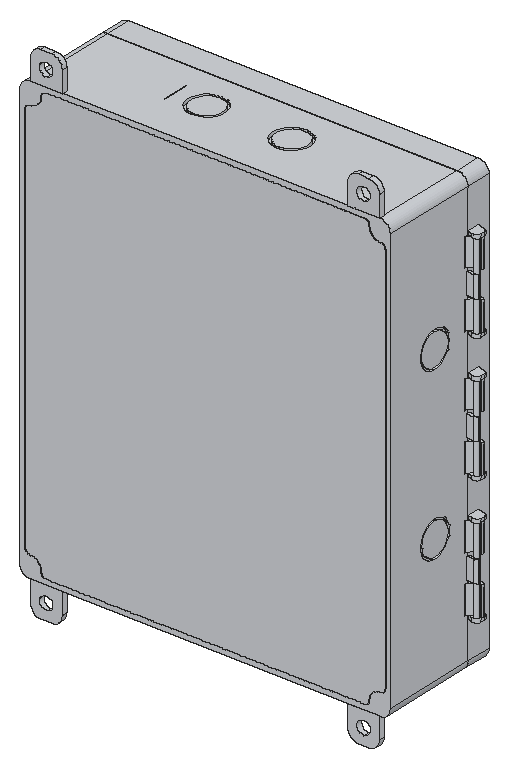
Revit family "Gas-Detectors-Control-Panel_GDCP-Touch_Brasch", category Generic Models, Revit 2022
Family settings
  Can host rebar = No
  Round Connector Dimension = Use Diameter
  Part Type = Normal
  Work Plane-Based = No
  Always vertical = Yes
  Cut with Voids When Loaded = No
  Maintain Annotation Orientation = No
  Shared = No
  Room Calculation Point = No
Parameters (values of type "GDCP-Touch, without any internal sensors")
  WIDTH = 8.72"
  URL = "https://braschenvtech.com/"
  Specification = "https://www.arcat.com/company/brasch-environmental-technologies-52580/spec"
  Product Page URL = "https://www.arcat.com/company/brasch-environmental-technologies-52580"
  Material = Gray
  Manufacturer = "Brasch Environmental Technologies"  # constant formula
  Keynote = "28 42 15"
  Input Voltage = "24 VAC"
  HEIGHT = 10.50"
  Default Elevation = 0.00"
  DEPTH = 2.90"
  Copyright = "@ARCAT"  # constant formula
  CAD Details = "https://www.arcat.com/company/brasch-environmental-technologies-52580/cad"
Reference planes (in)
  plane 1 "Center (Front/Back)": y = 0
  plane 2: z = 0
  plane 3 "Center (Left/Right)": x = 0
Forms (in)
  Extrusion 1, solid
    sketch origin (-4.37285, 0, 10.44843) x (0, 0, 1) y (-1, 0, 0)
      loop
        line (0.05157, -8.195) -> (0.05157, 0.025)
        arc (0.05157, 0.025) -> (-0.02165, 0.20178) -> (-0.19843, 0.275) r 0.25
        line (-0.19843, 0.275) -> (-10.19843, 0.275)
        arc (-10.19843, 0.275) -> (-10.37521, 0.20178) -> (-10.44843, 0.025) r 0.25
        line (-10.44843, 0.025) -> (-10.44843, -8.195)
        arc (-10.44843, -8.195) -> (-10.37521, -8.37178) -> (-10.19843, -8.445) r 0.25
        line (-10.19843, -8.445) -> (-0.19843, -8.445)
        arc (-0.19843, -8.445) -> (-0.02165, -8.37178) -> (0.05157, -8.195) r 0.25
      loop
        arc (-0.06843, -0.34997) -> (-0.10549, -0.26133) -> (-0.19462, -0.22546) r 0.12452
        arc (-0.19462, -0.22546) -> (-0.37407, -0.15113) -> (-0.44841, 0.02833) r 0.25379
        arc (-0.44841, 0.02833) -> (-0.48442, 0.1178) -> (-0.5734, 0.155) r 0.125
        line (-0.5734, 0.155) -> (-9.82346, 0.155)
        arc (-9.82346, 0.155) -> (-9.91244, 0.1178) -> (-9.94845, 0.02833) r 0.125
        arc (-9.94845, 0.02833) -> (-10.02279, -0.15113) -> (-10.20225, -0.22546) r 0.25379
        arc (-10.20225, -0.22546) -> (-10.29137, -0.26133) -> (-10.32843, -0.34997) r 0.12452
        line (-10.32843, -0.34997) -> (-10.32843, -7.82003)
        arc (-10.32843, -7.82003) -> (-10.29137, -7.90867) -> (-10.20225, -7.94454) r 0.12452
        arc (-10.20225, -7.94454) -> (-10.02279, -8.01887) -> (-9.94845, -8.19833) r 0.25379
        arc (-9.94845, -8.19833) -> (-9.91244, -8.2878) -> (-9.82346, -8.325) r 0.125
        line (-9.82346, -8.325) -> (-0.5734, -8.325)
        arc (-0.5734, -8.325) -> (-0.48442, -8.2878) -> (-0.44841, -8.19833) r 0.125
        arc (-0.44841, -8.19833) -> (-0.37407, -8.01887) -> (-0.19462, -7.94454) r 0.25379
        arc (-0.19462, -7.94454) -> (-0.10549, -7.90867) -> (-0.06843, -7.82003) r 0.12452
        line (-0.06843, -7.82003) -> (-0.06843, -0.34997)
    from 0 to -2.331
  Extrusion 2, solid
    sketch origin (0, 0, 0) x (1, 0, 0) y (0, 1, 0)
      loop
        line (4.1498, 2.38521) -> (4.07215, 2.276) -> (4.07215, 2.148)
        arc (4.07215, 2.148) -> (4.07469, 2.16427) -> (4.08205, 2.179) r 0.0535
        line (4.08205, 2.179) -> (4.20394, 2.35045)
        arc (4.20394, 2.35045) -> (4.25204, 2.37527) -> (4.30014, 2.35045) r 0.05902
        line (4.30014, 2.35045) -> (4.33643, 2.35045)
        arc (4.33643, 2.35045) -> (4.35667, 2.35809) -> (4.35724, 2.37971) r 0.01939
        arc (4.35724, 2.37971) -> (4.25498, 2.43774) -> (4.1498, 2.38521) r 0.125
    from 8.58333 to 9.25
  Extrusion 3, solid
    sketch origin (0, 0, -1.33333) x (1, 0, 0) y (0, 1, 0)
      loop
        line (4.1498, 2.38521) -> (4.07215, 2.276) -> (4.07215, 2.148)
        arc (4.07215, 2.148) -> (4.07469, 2.16427) -> (4.08205, 2.179) r 0.0535
        line (4.08205, 2.179) -> (4.20394, 2.35045)
        arc (4.20394, 2.35045) -> (4.25204, 2.37527) -> (4.30014, 2.35045) r 0.05902
        line (4.30014, 2.35045) -> (4.33643, 2.35045)
        arc (4.33643, 2.35045) -> (4.35667, 2.35809) -> (4.35724, 2.37971) r 0.01939
        arc (4.35724, 2.37971) -> (4.25498, 2.43774) -> (4.1498, 2.38521) r 0.125
    from 8.58333 to 9.25
  Extrusion 4, solid
    sketch origin (0, 0, -3) x (1, 0, 0) y (0, 1, 0)
      loop
        line (4.1498, 2.38521) -> (4.07215, 2.276) -> (4.07215, 2.148)
        arc (4.07215, 2.148) -> (4.07469, 2.16427) -> (4.08205, 2.179) r 0.0535
        line (4.08205, 2.179) -> (4.20394, 2.35045)
        arc (4.20394, 2.35045) -> (4.25204, 2.37527) -> (4.30014, 2.35045) r 0.05902
        line (4.30014, 2.35045) -> (4.33643, 2.35045)
        arc (4.33643, 2.35045) -> (4.35667, 2.35809) -> (4.35724, 2.37971) r 0.01939
        arc (4.35724, 2.37971) -> (4.25498, 2.43774) -> (4.1498, 2.38521) r 0.125
    from 8.58333 to 9.25
  Extrusion 5, solid
    sketch origin (0, 0, -4.33333) x (1, 0, 0) y (0, 1, 0)
      loop
        line (4.1498, 2.38521) -> (4.07215, 2.276) -> (4.07215, 2.148)
        arc (4.07215, 2.148) -> (4.07469, 2.16427) -> (4.08205, 2.179) r 0.0535
        line (4.08205, 2.179) -> (4.20394, 2.35045)
        arc (4.20394, 2.35045) -> (4.25204, 2.37527) -> (4.30014, 2.35045) r 0.05902
        line (4.30014, 2.35045) -> (4.33643, 2.35045)
        arc (4.33643, 2.35045) -> (4.35667, 2.35809) -> (4.35724, 2.37971) r 0.01939
        arc (4.35724, 2.37971) -> (4.25498, 2.43774) -> (4.1498, 2.38521) r 0.125
    from 8.58333 to 9.25
  Extrusion 6, solid
    sketch origin (0, 0, -6) x (1, 0, 0) y (0, 1, 0)
      loop
        line (4.1498, 2.38521) -> (4.07215, 2.276) -> (4.07215, 2.148)
        arc (4.07215, 2.148) -> (4.07469, 2.16427) -> (4.08205, 2.179) r 0.0535
        line (4.08205, 2.179) -> (4.20394, 2.35045)
        arc (4.20394, 2.35045) -> (4.25204, 2.37527) -> (4.30014, 2.35045) r 0.05902
        line (4.30014, 2.35045) -> (4.33643, 2.35045)
        arc (4.33643, 2.35045) -> (4.35667, 2.35809) -> (4.35724, 2.37971) r 0.01939
        arc (4.35724, 2.37971) -> (4.25498, 2.43774) -> (4.1498, 2.38521) r 0.125
    from 8.58333 to 9.25
  Extrusion 7, solid
    sketch origin (0, 0, -7.33333) x (1, 0, 0) y (0, 1, 0)
      loop
        line (4.1498, 2.38521) -> (4.07215, 2.276) -> (4.07215, 2.148)
        arc (4.07215, 2.148) -> (4.07469, 2.16427) -> (4.08205, 2.179) r 0.0535
        line (4.08205, 2.179) -> (4.20394, 2.35045)
        arc (4.20394, 2.35045) -> (4.25204, 2.37527) -> (4.30014, 2.35045) r 0.05902
        line (4.30014, 2.35045) -> (4.33643, 2.35045)
        arc (4.33643, 2.35045) -> (4.35667, 2.35809) -> (4.35724, 2.37971) r 0.01939
        arc (4.35724, 2.37971) -> (4.25498, 2.43774) -> (4.1498, 2.38521) r 0.125
    from 8.58333 to 9.25
  Extrusion 8, solid
    sketch origin (0, 0, 0) x (1, 0, 0) y (0, 1, 0)
      loop
        line (4.07215, 2.211) -> (4.27015, 2.211)
        arc (4.27015, 2.211) -> (4.31106, 2.21894) -> (4.34602, 2.24159) r 0.10938
        arc (4.34602, 2.24159) -> (4.3507, 2.26348) -> (4.33215, 2.276) r 0.02
        line (4.33215, 2.276) -> (4.30015, 2.276)
        arc (4.30015, 2.276) -> (4.25165, 2.25147) -> (4.20315, 2.276) r 0.0602
        line (4.20315, 2.276) -> (4.07215, 2.276) -> (4.07215, 2.211)
    from 7.99997 to 8.50003
  Extrusion 9, solid
    sketch origin (0, 0, -3) x (1, 0, 0) y (0, 1, 0)
      loop
        line (4.07215, 2.211) -> (4.27015, 2.211)
        arc (4.27015, 2.211) -> (4.31106, 2.21894) -> (4.34602, 2.24159) r 0.10938
        arc (4.34602, 2.24159) -> (4.3507, 2.26348) -> (4.33215, 2.276) r 0.02
        line (4.33215, 2.276) -> (4.30015, 2.276)
        arc (4.30015, 2.276) -> (4.25165, 2.25147) -> (4.20315, 2.276) r 0.0602
        line (4.20315, 2.276) -> (4.07215, 2.276) -> (4.07215, 2.211)
    from 7.99997 to 8.50003
  Extrusion 10, solid
    sketch origin (0, 0, -6) x (1, 0, 0) y (0, 1, 0)
      loop
        line (4.07215, 2.211) -> (4.27015, 2.211)
        arc (4.27015, 2.211) -> (4.31106, 2.21894) -> (4.34602, 2.24159) r 0.10938
        arc (4.34602, 2.24159) -> (4.3507, 2.26348) -> (4.33215, 2.276) r 0.02
        line (4.33215, 2.276) -> (4.30015, 2.276)
        arc (4.30015, 2.276) -> (4.25165, 2.25147) -> (4.20315, 2.276) r 0.0602
        line (4.20315, 2.276) -> (4.07215, 2.276) -> (4.07215, 2.211)
    from 7.99997 to 8.50003
  Extrusion 11, solid
    sketch origin (-4.1404, 0.12, 0.33138) x (0, 0, -1) y (-1, 0, 0)
      loop
        circle (-9.57553, -6.20256) r 0.14
      loop
        circle (-9.57553, -6.20256) r 0.05482
      loop
        circle (-9.57244, -1.5026) r 0.14
      loop
        circle (-9.57244, -1.5026) r 0.05482
      loop
        circle (-4.87594, -1.50149) r 0.14
      loop
        circle (-4.87594, -1.50149) r 0.05482
      loop
        circle (-4.87612, -6.20255) r 0.14
      loop
        circle (-4.87612, -6.20255) r 0.05482
    from 0 to 2.278
  Extrusion 12, solid
    sketch origin (-2.8954, 0.12, -3.98112) x (0, 0, -1) y (-1, 0, 0)
      loop
        circle (-4.87612, -6.20255) r 0.14
      loop
        circle (-4.87612, -6.20255) r 0.06853
      loop
        circle (-4.87612, -5.58255) r 0.14
      loop
        circle (-4.87612, -5.58255) r 0.06853
      loop
        circle (-4.87612, -2.91755) r 0.14
      loop
        circle (-4.87612, -2.91755) r 0.06853
      loop
        circle (-4.87612, -2.29755) r 0.14
      loop
        circle (-4.87612, -2.29755) r 0.06853
      loop
        circle (-4.87612, 0.98731) r 0.14
      loop
        circle (-4.87612, 0.98731) r 0.06853
      loop
        circle (-12.14112, 0.98745) r 0.14
      loop
        circle (-12.14112, 0.98745) r 0.06853
      loop
        circle (-12.14112, -6.20255) r 0.14
      loop
        circle (-12.14112, -6.20255) r 0.06853
      loop
        circle (-13.34612, -4.25005) r 0.14
      loop
        circle (-13.34612, -4.25005) r 0.06853
      loop
        circle (-13.34612, -0.96505) r 0.14
      loop
        circle (-13.34612, -0.96505) r 0.06853
      loop
        circle (-11.03862, -2.60755) r 0.14
      loop
        circle (-11.03862, -2.60755) r 0.06853
      loop
        circle (-9.48612, -0.96505) r 0.14
      loop
        circle (-9.48612, -0.96505) r 0.06853
      loop
        circle (-9.48612, -4.25005) r 0.14
      loop
        circle (-9.48612, -4.25005) r 0.06853
      loop
        circle (-9.88824, -6.211) r 0.14
      loop
        circle (-9.88824, -6.211) r 0.06853
      loop
        circle (-8.73612, -6.20255) r 0.14
      loop
        circle (-8.73612, -6.20255) r 0.06853
      loop
        circle (-8.73612, -5.58255) r 0.14
      loop
        circle (-8.73612, -5.58255) r 0.06853
      loop
        circle (-8.73612, -2.91755) r 0.14
      loop
        circle (-8.73612, -2.91755) r 0.06853
      loop
        circle (-8.73612, -2.29755) r 0.14
      loop
        circle (-8.73612, -2.29755) r 0.06853
      loop
        circle (-8.73612, 0.98745) r 0.14
      loop
        circle (-8.73612, 0.98745) r 0.06853
      loop
        circle (-9.93612, 0.98745) r 0.14
      loop
        circle (-9.93612, 0.98745) r 0.06853
    from 0 to 0.4
  Extrusion 13, solid
    sketch origin (-2.7504, 0.12, -4.27612) x (0, 0, -1) y (-1, 0, 0)
      loop
        circle (-4.87612, -6.20255) r 0.14
      loop
        circle (-4.87612, -6.20255) r 0.06853
      loop
        circle (-4.87612, 1.27745) r 0.14
      loop
        circle (-4.87612, 1.27745) r 0.06853
      loop
        circle (-14.17612, 1.27745) r 0.14
      loop
        circle (-14.17612, 1.27745) r 0.06853
      loop
        circle (-14.17612, -6.20255) r 0.14
      loop
        circle (-14.17612, -6.20255) r 0.06853
      loop
        circle (-9.52612, -2.46255) r 0.14
      loop
        circle (-9.52612, -2.46255) r 0.06853
    from 0 to 0.2
  Extrusion 14, solid
    sketch origin (1.94394, 0.7353, 5.1325) x (0, 1, 0) y (-1, 0, 0)
      loop
        line (-0.6153, 0.44574) -> (-0.6153, 0.00939) -> (-0.01296, 0.00939) -> (-0.6153, 0.44574)
      loop
        line (0, 4.46357) -> (-0.6153, 4.46357) -> (-0.6153, 4.01783) -> (0, 4.46357)
    from 0 to 0.15
  Extrusion 15, solid
    sketch origin (1.94393, 0.7353, 9.8315) x (0, 1, 0) y (-1, 0, 0)
      loop
        line (-0.6153, 0.44574) -> (-0.6153, 0.00939) -> (-0.01296, 0.00939) -> (-0.6153, 0.44574)
      loop
        line (0, 4.46357) -> (-0.6153, 4.46357) -> (-0.6153, 4.01783) -> (0, 4.46357)
    from 0 to 0.15
  Extrusion 16, solid
    sketch origin (-2.56285, 0.7353, 5.32572) x (0, 0, -1) y (0, 1, 0)
      loop
        line (0, 0) -> (-0.44574, -0.6153) -> (0, -0.6153) -> (0, 0)
      loop
        line (-4.46357, -0.6153) -> (-4.01683, -0.6153) -> (-4.46357, 0.00138) -> (-4.46357, -0.6153)
    from 0 to -0.15
  Extrusion 17, solid
    sketch origin (2.13635, 0.7353, 5.32572) x (0, 0, -1) y (0, 1, 0)
      loop
        line (0, 0) -> (-0.44574, -0.6153) -> (0, -0.6153) -> (0, 0)
      loop
        line (-4.46357, -0.6153) -> (-4.01683, -0.6153) -> (-4.46357, 0.00138) -> (-4.46357, -0.6153)
    from 0 to -0.15
  Extrusion 18, solid
    sketch origin (-4.1404, 0.12, 0.33138) x (0, 0, -1) y (-1, 0, 0)
      loop
        line (-10.04862, -0.11752) -> (-10.04862, -7.58759)
        arc (-10.04862, -7.58759) -> (-10.01156, -7.67622) -> (-9.92244, -7.7121) r 0.12452
        arc (-9.92244, -7.7121) -> (-9.74298, -7.78643) -> (-9.66864, -7.96589) r 0.25379
        arc (-9.66864, -7.96589) -> (-9.63263, -8.05535) -> (-9.54366, -8.09256) r 0.125
        line (-9.54366, -8.09256) -> (-0.29359, -8.09256)
        arc (-0.29359, -8.09256) -> (-0.20461, -8.05535) -> (-0.1686, -7.96589) r 0.125
        arc (-0.1686, -7.96589) -> (-0.09427, -7.78643) -> (0.08519, -7.7121) r 0.25379
        arc (0.08519, -7.7121) -> (0.17432, -7.67622) -> (0.21138, -7.58759) r 0.12452
        line (0.21138, -7.58759) -> (0.21138, -0.11752)
        arc (0.21138, -0.11752) -> (0.17432, -0.02889) -> (0.08519, 0.00698) r 0.12452
        arc (0.08519, 0.00698) -> (-0.09427, 0.08132) -> (-0.1686, 0.26078) r 0.25379
        arc (-0.1686, 0.26078) -> (-0.20461, 0.35024) -> (-0.29359, 0.38744) r 0.125
        line (-0.29359, 0.38744) -> (-9.54366, 0.38744)
        arc (-9.54366, 0.38744) -> (-9.63263, 0.35024) -> (-9.66864, 0.26078) r 0.125
        arc (-9.66864, 0.26078) -> (-9.74298, 0.08132) -> (-9.92244, 0.00698) r 0.25379
        arc (-9.92244, 0.00698) -> (-10.01156, -0.02889) -> (-10.04862, -0.11752) r 0.12452
    from 0 to -0.12
  Extrusion 19, solid
    sketch origin (-4.1404, 0.12, 0.33138) x (0, 0, -1) y (-1, 0, 0)
      loop
        line (0.83138, 0.25744) -> (0.33138, 0.25744) -> (0.33138, -0.49256) -> (0.83138, -0.49256)
        arc (0.83138, -0.49256) -> (1.00815, -0.41933) -> (1.08138, -0.24256) r 0.25
        line (1.08138, -0.24256) -> (1.08138, 0.00744)
        arc (1.08138, 0.00744) -> (1.00815, 0.18422) -> (0.83138, 0.25744) r 0.25
      loop
        line (0.83138, -7.21256) -> (0.33138, -7.21256) -> (0.33138, -7.96256) -> (0.83138, -7.96256)
        arc (0.83138, -7.96256) -> (1.00815, -7.88933) -> (1.08138, -7.71256) r 0.25
        line (1.08138, -7.71256) -> (1.08138, -7.46256)
        arc (1.08138, -7.46256) -> (1.00815, -7.28578) -> (0.83138, -7.21256) r 0.25
      loop
        circle (0.70638, -0.11756) r 0.16
      loop
        circle (0.70638, -7.58756) r 0.16
      loop
        arc (-10.66862, 0.25744) -> (-10.8454, 0.18422) -> (-10.91862, 0.00744) r 0.25
        line (-10.91862, 0.00744) -> (-10.91862, -0.24256)
        arc (-10.91862, -0.24256) -> (-10.8454, -0.41933) -> (-10.66862, -0.49256) r 0.25
        line (-10.66862, -0.49256) -> (-10.16862, -0.49256) -> (-10.16862, 0.25744) -> (-10.66862, 0.25744)
      loop
        arc (-10.66862, -7.21256) -> (-10.8454, -7.28578) -> (-10.91862, -7.46256) r 0.25
        line (-10.91862, -7.46256) -> (-10.91862, -7.71256)
        arc (-10.91862, -7.71256) -> (-10.8454, -7.88933) -> (-10.66862, -7.96256) r 0.25
        line (-10.66862, -7.96256) -> (-10.16862, -7.96256) -> (-10.16862, -7.21256) -> (-10.66862, -7.21256)
      loop
        circle (-10.54362, -0.11756) r 0.16
      loop
        circle (-10.54362, -7.58756) r 0.16
    from 0 to -0.12
  Extrusion 20, void
    sketch origin (-4.64785, 0, 10.25) x (0, 0, 1) y (0, -1, 0)
      loop
        circle (-3, -1.3) r 0.4375
      loop
        circle (-3, -1.3) r 0.375
      loop
        circle (-7.00175, -1.30665) r 0.4375
      loop
        circle (-7.00175, -1.30665) r 0.375
    from 0 to 0.066
  Extrusion 21, void
    sketch origin (4.07215, 0, 10.25) x (0, 0, 1) y (0, 1, 0)
      loop
        circle (-3, 1.3) r 0.4375
      loop
        circle (-3, 1.3) r 0.375
      loop
        circle (-7.00175, 1.30665) r 0.4375
      loop
        circle (-7.00175, 1.30665) r 0.375
    from 0 to 0.066
  Extrusion 22, void
    sketch origin (3.82215, 0, 10.5) x (0, -1, 0) y (-1, 0, 0)
      loop
        circle (-1.3, 3.11) r 0.4375
      loop
        circle (-1.3, 3.11) r 0.375
      loop
        circle (-1.3, 5.11) r 0.4375
      loop
        circle (-1.3, 5.11) r 0.375
    from 0 to 0.066
  Extrusion 23, void
    sketch origin (3.82215, 0, 0) x (1, 0, 0) y (0, 1, 0)
      loop
        circle (-4.11, 1.3) r 0.4375
      loop
        circle (-4.11, 1.3) r 0.375
      loop
        circle (-6.11, 1.3) r 0.4375
      loop
        circle (-6.11, 1.3) r 0.375
      loop
        circle (-2.11, 1.3) r 0.4375
      loop
        circle (-2.11, 1.3) r 0.375
    from 0 to 0.066
  Extrusion 24, void
    sketch origin (-4.1404, 0.12, 0.33138) x (0, 0, 1) y (-1, 0, 0)
      loop
        circle (9.91862, -7.96256) r 0.095
      loop
        circle (9.91862, 0.25744) r 0.095
      loop
        circle (-0.08138, 0.25744) r 0.095
      loop
        circle (-0.08138, -7.96256) r 0.095
    from 0 to -2.211
  Extrusion 25, void
    sketch origin (-4.1404, 0.12, 0.33138) x (0, 0, 1) y (-1, 0, 0)
      loop
        arc (0.11752, -7.96526) -> (0.1677, -8.08884) -> (0.2908, -8.14017) r 0.17328
        line (0.2908, -8.14017) -> (9.53397, -8.14017)
        arc (9.53397, -8.14017) -> (9.65805, -8.08761) -> (9.70665, -7.96192) r 0.17276
        arc (9.70665, -7.96192) -> (9.76671, -7.81193) -> (9.91574, -7.74951) r 0.20912
        arc (9.91574, -7.74951) -> (10.05002, -7.70032) -> (10.10658, -7.56896) r 0.18083
        line (10.10658, -7.56896) -> (10.10658, -0.1171)
        arc (10.10658, -0.1171) -> (10.06269, 0.00019) -> (9.95259, 0.05987) r 0.17868
        arc (9.95259, 0.05987) -> (9.79087, 0.1073) -> (9.72085, 0.2606) r 0.2028
        arc (9.72085, 0.2606) -> (9.67059, 0.38594) -> (9.54602, 0.43809) r 0.17486
        line (9.54602, 0.43809) -> (0.29665, 0.43809)
        arc (0.29665, 0.43809) -> (0.17157, 0.3861) -> (0.12017, 0.26078) r 0.17649
        arc (0.12017, 0.26078) -> (0.06099, 0.11654) -> (-0.08244, 0.05543) r 0.20536
        arc (-0.08244, 0.05543) -> (-0.20825, 0.00618) -> (-0.26095, -0.11821) r 0.1741
        line (-0.26095, -0.11821) -> (-0.26095, -7.58775)
        arc (-0.26095, -7.58775) -> (-0.20934, -7.71155) -> (-0.08507, -7.76202) r 0.17428
        arc (-0.08507, -7.76202) -> (0.05822, -7.82177) -> (0.11752, -7.96526) r 0.20324
      loop
        line (-0.33138, 0.25744) -> (-0.33138, -7.96256)
        arc (-0.33138, -7.96256) -> (-0.25815, -8.13933) -> (-0.08138, -8.21256) r 0.25
        line (-0.08138, -8.21256) -> (9.91862, -8.21256)
        arc (9.91862, -8.21256) -> (10.0954, -8.13933) -> (10.16862, -7.96256) r 0.25
        line (10.16862, -7.96256) -> (10.16862, 0.25744)
        arc (10.16862, 0.25744) -> (10.0954, 0.43422) -> (9.91862, 0.50744) r 0.25
        line (9.91862, 0.50744) -> (-0.08138, 0.50744)
        arc (-0.08138, 0.50744) -> (-0.25815, 0.43422) -> (-0.33138, 0.25744) r 0.25
    from -2.156 to -2.211
Cuts and joins
  Extrusion 20, Extrusion 21, Extrusion 22, Extrusion 23, Extrusion 24, Extrusion 25 cuts Extrusion 1
Dimensions and locks (in)
  aligned and locked: plane 2 to level
Nested families (in)
  nested 1: "GDCP lid" at (-0.28689, 2.77823, 0) x (-1, 0, 0) z (0, 0, 1), type "GDCP lid"
Definition of nested family "GDCP lid"
  Parameters
    Default Elevation = 0.00"
  Reference planes (in)
    plane 1 "Center (Front/Back)": y = 0
    plane 2: z = 0
    plane 3 "Center (Left/Right)": x = 0
  Forms (in)
    Extrusion 1, solid
      sketch origin (3.15, 0.11, 9.8) x (0, 0, 1) y (1, 0, 0)
        loop
          line (0.7, -7.26) -> (0.7, 0.96)
          arc (0.7, 0.96) -> (0.62678, 1.13678) -> (0.45, 1.21) r 0.25
          line (0.45, 1.21) -> (-9.55, 1.21)
          arc (-9.55, 1.21) -> (-9.72678, 1.13678) -> (-9.8, 0.96) r 0.25
          line (-9.8, 0.96) -> (-9.8, -7.26)
          arc (-9.8, -7.26) -> (-9.72678, -7.43678) -> (-9.55, -7.51) r 0.25
          line (-9.55, -7.51) -> (0.45, -7.51)
          arc (0.45, -7.51) -> (0.62678, -7.43678) -> (0.7, -7.26) r 0.25
        loop
          arc (0.48, 0.58503) -> (0.19365, 0.70365) -> (0.07503, 0.99) r 0.40497
          line (0.07503, 0.99) -> (-9.17503, 0.99)
          arc (-9.17503, 0.99) -> (-9.29365, 0.70365) -> (-9.58, 0.58503) r 0.40497
          line (-9.58, 0.58503) -> (-9.58, -6.88503)
          arc (-9.58, -6.88503) -> (-9.29365, -7.00365) -> (-9.17503, -7.29) r 0.40497
          line (-9.17503, -7.29) -> (0.07503, -7.29)
          arc (0.07503, -7.29) -> (0.19365, -7.00365) -> (0.48, -6.88503) r 0.40497
          line (0.48, -6.88503) -> (0.48, 0.58503)
      from 0 to -0.61
    Extrusion 2, solid
      sketch origin (3.15, 0.11, 9.8) x (0, 0, 1) y (1, 0, 0)
        loop
          line (0.07503, 0.99) -> (-9.17503, 0.99)
          arc (-9.17503, 0.99) -> (-9.29365, 0.70365) -> (-9.58, 0.58503) r 0.40497
          line (-9.58, 0.58503) -> (-9.58, -6.88503)
          arc (-9.58, -6.88503) -> (-9.29365, -7.00365) -> (-9.17503, -7.29) r 0.40497
          line (-9.17503, -7.29) -> (0.07503, -7.29)
          arc (0.07503, -7.29) -> (0.19365, -7.00365) -> (0.48, -6.88503) r 0.40497
          line (0.48, -6.88503) -> (0.48, 0.58503)
          arc (0.48, 0.58503) -> (0.19365, 0.70365) -> (0.07503, 0.99) r 0.40497
      from 0 to -0.11
    Extrusion 3, void
      sketch origin (3.15, 0.11, 9.8) x (0, 0, 1) y (1, 0, 0)
        loop
          line (-9.17396, -7.345) -> (0.07503, -7.345)
          arc (0.07503, -7.345) -> (0.13236, -7.32126) -> (0.1561, -7.26393) r 0.08107
          arc (0.1561, -7.26393) -> (0.25319, -7.04324) -> (0.47998, -6.96138) r 0.30599
          arc (0.47998, -6.96138) -> (0.51645, -6.93752) -> (0.535, -6.8981) r 0.08
          line (0.535, -6.8981) -> (0.535, 0.5981)
          arc (0.535, 0.5981) -> (0.51645, 0.63752) -> (0.47998, 0.66138) r 0.08
          arc (0.47998, 0.66138) -> (0.25319, 0.74324) -> (0.1561, 0.96393) r 0.30599
          arc (0.1561, 0.96393) -> (0.13236, 1.02126) -> (0.07503, 1.045) r 0.08107
          line (0.07503, 1.045) -> (-9.17396, 1.045)
          arc (-9.17396, 1.045) -> (-9.23128, 1.02126) -> (-9.25503, 0.96393) r 0.08107
          arc (-9.25503, 0.96393) -> (-9.35212, 0.74324) -> (-9.57891, 0.66138) r 0.30599
          arc (-9.57891, 0.66138) -> (-9.61947, 0.6324) -> (-9.635, 0.58503) r 0.08
          line (-9.635, 0.58503) -> (-9.635, -6.88503)
          arc (-9.635, -6.88503) -> (-9.61947, -6.9324) -> (-9.57891, -6.96138) r 0.08
          arc (-9.57891, -6.96138) -> (-9.35212, -7.04324) -> (-9.25503, -7.26393) r 0.30599
          arc (-9.25503, -7.26393) -> (-9.23128, -7.32126) -> (-9.17396, -7.345) r 0.08107
        loop
          arc (0.07611, -7.445) -> (0.18268, -7.41006) -> (0.24788, -7.31879) r 0.18
          arc (0.24788, -7.31879) -> (0.31568, -7.1246) -> (0.50987, -7.05681) r 0.23668
          arc (0.50987, -7.05681) -> (0.60673, -6.98353) -> (0.635, -6.8654) r 0.18
          line (0.635, -6.8654) -> (0.635, 0.5654)
          arc (0.635, 0.5654) -> (0.60673, 0.68353) -> (0.50987, 0.75681) r 0.18
          arc (0.50987, 0.75681) -> (0.31568, 0.8246) -> (0.24788, 1.01879) r 0.23668
          arc (0.24788, 1.01879) -> (0.18268, 1.11006) -> (0.07611, 1.145) r 0.18
          line (0.07611, 1.145) -> (-9.17503, 1.145)
          arc (-9.17503, 1.145) -> (-9.28161, 1.11006) -> (-9.34681, 1.01879) r 0.18
          arc (-9.34681, 1.01879) -> (-9.4146, 0.8246) -> (-9.60879, 0.75681) r 0.23668
          arc (-9.60879, 0.75681) -> (-9.70006, 0.69161) -> (-9.735, 0.58503) r 0.18
          line (-9.735, 0.58503) -> (-9.735, -6.88503)
          arc (-9.735, -6.88503) -> (-9.70006, -6.99161) -> (-9.60879, -7.05681) r 0.18
          arc (-9.60879, -7.05681) -> (-9.4146, -7.1246) -> (-9.34681, -7.31879) r 0.23668
          arc (-9.34681, -7.31879) -> (-9.28161, -7.41006) -> (-9.17503, -7.445) r 0.18
          line (-9.17503, -7.445) -> (0.07611, -7.445)
      from -0.61 to -0.512
    Extrusion 4, void
      sketch origin (3.15, 0.11, 9.8) x (0, 0, 1) y (1, 0, 0)
        loop
          circle (0.45, -7.26) r 0.0705
        loop
          circle (0.45, 0.96) r 0.0705
        loop
          circle (-9.55, 0.96) r 0.0705
        loop
          circle (-9.55, -7.26) r 0.0705
      from -0.04 to -0.61
    Extrusion 5, solid
      sketch origin (-4.505, -0.40438, 9.2625) x (0, 1, 0) y (-1, 0, 0)
        loop
          arc (0.11037, 0.08715) -> (0.08218, 0.12192) -> (0.03938, 0.135) r 0.07659
          line (0.03938, 0.135) -> (-0.06062, 0.135)
          arc (-0.06062, 0.135) -> (-0.14355, 0.09089) -> (-0.15331, -0.00253) r 0.1
          line (-0.15331, -0.00253) -> (-0.09562, -0.145) -> (0.20438, -0.145) -> (0.11037, 0.08715)
      from 0 to 0.075
    Extrusion 6, solid
      sketch origin (-4.505, -0.40438, 7.1525) x (0, 1, 0) y (-1, 0, 0)
        loop
          arc (0.11037, 0.08715) -> (0.08218, 0.12192) -> (0.03938, 0.135) r 0.07659
          line (0.03938, 0.135) -> (-0.06062, 0.135)
          arc (-0.06062, 0.135) -> (-0.14355, 0.09089) -> (-0.15331, -0.00253) r 0.1
          line (-0.15331, -0.00253) -> (-0.09562, -0.145) -> (0.20438, -0.145) -> (0.11037, 0.08715)
      from 0.01 to 0.085
    Extrusion 7, solid
      sketch origin (-4.505, -0.40438, 9.2625) x (0, 1, 0) y (-1, 0, 0)
        loop
          circle (-0.06062, 0.03503) r 0.06027
      from -2.025 to 0
    Extrusion 8, solid
      sketch origin (-4.505, -0.40438, 6.2625) x (0, 1, 0) y (-1, 0, 0)
        loop
          arc (0.11037, 0.08715) -> (0.08218, 0.12192) -> (0.03938, 0.135) r 0.07659
          line (0.03938, 0.135) -> (-0.06062, 0.135)
          arc (-0.06062, 0.135) -> (-0.14355, 0.09089) -> (-0.15331, -0.00253) r 0.1
          line (-0.15331, -0.00253) -> (-0.09562, -0.145) -> (0.20438, -0.145) -> (0.11037, 0.08715)
      from 0 to 0.075
    Extrusion 9, solid
      sketch origin (-4.505, -0.40438, 4.1525) x (0, 1, 0) y (-1, 0, 0)
        loop
          arc (0.11037, 0.08715) -> (0.08218, 0.12192) -> (0.03938, 0.135) r 0.07659
          line (0.03938, 0.135) -> (-0.06062, 0.135)
          arc (-0.06062, 0.135) -> (-0.14355, 0.09089) -> (-0.15331, -0.00253) r 0.1
          line (-0.15331, -0.00253) -> (-0.09562, -0.145) -> (0.20438, -0.145) -> (0.11037, 0.08715)
      from 0.01 to 0.085
    Extrusion 10, solid
      sketch origin (-4.505, -0.40438, 6.2625) x (0, 1, 0) y (-1, 0, 0)
        loop
          circle (-0.06062, 0.03503) r 0.06027
      from -2.025 to 0
    Extrusion 11, solid
      sketch origin (-4.505, -0.40438, 3.2625) x (0, 1, 0) y (-1, 0, 0)
        loop
          arc (0.11037, 0.08715) -> (0.08218, 0.12192) -> (0.03938, 0.135) r 0.07659
          line (0.03938, 0.135) -> (-0.06062, 0.135)
          arc (-0.06062, 0.135) -> (-0.14355, 0.09089) -> (-0.15331, -0.00253) r 0.1
          line (-0.15331, -0.00253) -> (-0.09562, -0.145) -> (0.20438, -0.145) -> (0.11037, 0.08715)
      from 0 to 0.075
    Extrusion 12, solid
      sketch origin (-4.505, -0.40438, 1.1525) x (0, 1, 0) y (-1, 0, 0)
        loop
          arc (0.11037, 0.08715) -> (0.08218, 0.12192) -> (0.03938, 0.135) r 0.07659
          line (0.03938, 0.135) -> (-0.06062, 0.135)
          arc (-0.06062, 0.135) -> (-0.14355, 0.09089) -> (-0.15331, -0.00253) r 0.1
          line (-0.15331, -0.00253) -> (-0.09562, -0.145) -> (0.20438, -0.145) -> (0.11037, 0.08715)
      from 0.01 to 0.085
    Extrusion 13, solid
      sketch origin (-4.505, -0.40438, 3.2625) x (0, 1, 0) y (-1, 0, 0)
        loop
          circle (-0.06062, 0.03503) r 0.06027
      from -2.025 to 0
    Extrusion 14, void
      sketch origin (4.24673, 0.12, 10.20024) x (0, 0, 1) y (1, 0, 0)
        loop
          circle (0.04976, -0.13673) r 0.1455
        loop
          circle (-9.95024, -0.13673) r 0.1455
      from 0 to -0.05
  Cuts and joins
    Extrusion 3, Extrusion 4, Extrusion 14 cuts Extrusion 1
  Dimensions and locks (in)
    aligned and locked: plane 2 to level
